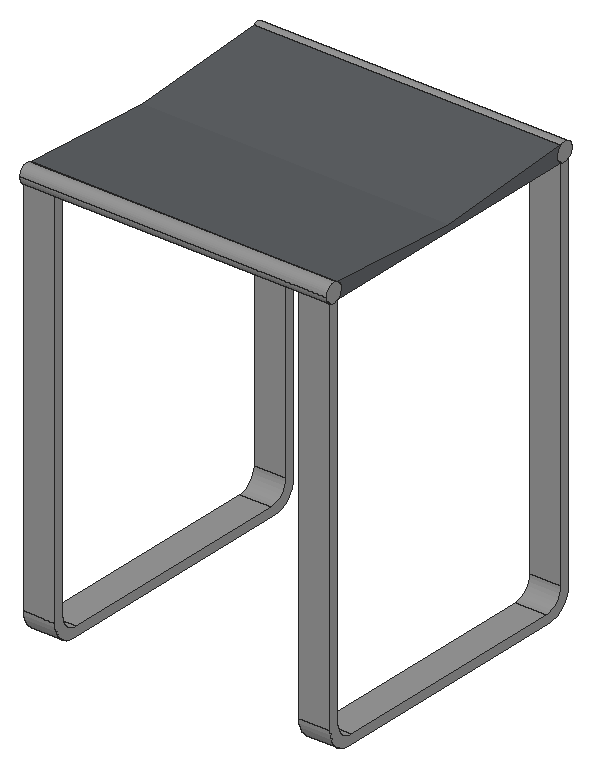
Revit family "KEUCO_14982010037", category Möbel, Revit 2016
Family settings
  Arbeitsebenenbasiert = Nein
  Immer vertikal = Ja
  Beim Laden mit Abzugskörper schneiden = Nein
  Gemeinsam genutzt = Nein
  Raumberechnungspunkt = Nein
Parameters (values of type "14982170051")
  Verwendung = "DU / WA / WP"  # constant formula
  URL = "https://www.keuco.com/de/produkte/sortiment/artikel/?pid=14982&oid=1&pgo=24&country=de&lang=de&vid=14982170051"
  Serie = "Plan"  # constant formula
  Preisgruppe = "1"  # constant formula
  Material Sitz = Schwarzgrau (RAL 7021)
  Materialien bei Hersteller anfragen = "Anfrage zu:  objektmanagement@keuco.de"
  Kategorie = "ACC"  # constant formula
  Hersteller = "KEUCO"  # constant formula
  Material Beine = Aluminium silber-eloxiert (E6 EV1)
  Gewicht = 0.628  # constant formula
  Beschreibung = "auch für den Naßbereich geeignet"
  Ausschreibungstext = "KEUCO PLAN Hocker 14982170051\r\nmit zwei Aluminium lackierten, rutschsicheren Fußelementen, \r\nauch für den Naßbereicht geeignet\r\nhochglanzverchromtes zylindrisches Griffstück, \r\nSitzfläche aus Polypropylen weiß (RAL 9010),\r\n340 mm x 365 mm, Sitzhöhe 469 mm\r\nBelastbarkeit 100 kg"
  Artikelnummer = "14982170051"
Types (7, lengths in mm): name | URL | Material Sitz | Materialien bei Hersteller anfragen | Material Beine | Beschreibung | Ausschreibungstext | Artikelnummer
  (no name) | "https://www.keuco.com" | Schwarzgrau (RAL 7021) | "Request to:  objektmanagement@keuco.de" | Verchromt | "--" | "" | "14982010037"
  14982010037 | "https://www.keuco.com/de/produkte/sortiment/artikel/?pid=14982&oid=1&pgo=18&country=de&lang=de&vid=14982010037" | Schwarzgrau (RAL 7021) | "Request to:  objektmanagement@keuco.de" | Verchromt | "auch für den Naßbereich geeignet" | "KEUCO PLAN Hocker 14982010037 \r\nmit zwei hochglanzverchromten, rutschsicheren Fußelementen, \r\nauch für den Naßbereich geeignet\r\nhochglanzverchromtes zylindrisches Griffstück, \r\nSitzfläche aus Polypropylen schwarzgrau (RAL 7021),\r\n340 mm x 365 mm, Sitzhöhe 469 mm\r\nBelastbarkeit 100 kg" | "14982010037"
  14982010038 | "https://www.keuco.com/de/produkte/sortiment/artikel/?pid=14982&oid=1&pgo=18&country=de&lang=de&vid=14982010038" | Lichtgrau (RAL 7035) | "Request to:  objektmanagement@keuco.de" | Verchromt | "auch für den Naßbereich geeignet" | "KEUCO PLAN Hocker 14982010038 \r\nmit zwei hochglanzverchromten, rutschsicheren Fußelementen, \r\nauch für den Naßbereich geeignet\r\nhochglanzverchromtes zylindrisches Griffstück, \r\nSitzfläche aus Polypropylen lichtgrau (RAL 7035),\r\n340 mm x 365 mm, Sitzhöhe 469 mm\r\nBelastbarkeit 100 kg" | "14982010038"
  14982010051 | "https://www.keuco.com/de/produkte/sortiment/artikel/?pid=14982&oid=1&pgo=18&country=de&lang=de&vid=14982010051" | Weiß (RAL 9010) | "Request to:  objektmanagement@keuco.de" | Verchromt | "auch für den Naßbereich geeignet" | "KEUCO PLAN Hocker 14982010051 \r\nmit zwei hochglanzverchromten, rutschsicheren Fußelementen, \r\nauch für den Naßbereicht geeignet\r\nhochglanzverchromtes zylindrisches Griffstück, \r\nSitzfläche aus Polypropylen weiß (RAL 9010) ,\r\n340 mm x 365 mm, Sitzhöhe 469 mm\r\nBelastbarkeit 100 kg" | "14982010051"
  14982170037 | "https://www.keuco.com/de/produkte/sortiment/artikel/?pid=14982&oid=1&pgo=24&country=de&lang=de&vid=14982170037" | Schwarzgrau (RAL 7021) | "Request to:  objektmanagement@keuco.de" | Aluminium silber-eloxiert (E6 EV1) | "auch für den Naßbereich geeignet" | "KEUCO PLAN Hocker 14982170037 \r\nmit zwei Aluminium lackierten, rutschsicheren Fußelementen, \r\nauch für den Naßbereicht geeignet\r\nhochglanzverchromtes zylindrisches Griffstück, \r\nSitzfläche aus Polypropylen schwarzgrau (RAL 7021),\r\n340 mm x 365 mm, Sitzhöhe 469 mm\r\nBelastbarkeit 100 kg" | "14982170037"
  14982170038 | "https://www.keuco.com/de/produkte/sortiment/artikel/?pid=14982&oid=1&pgo=24&country=de&lang=de&vid=14982170038" | Lichtgrau (RAL 7035) | "Request to:  objektmanagement@keuco.de" | Aluminium silber-eloxiert (E6 EV1) | "auch für den Naßbereich geeignet" | "KEUCO PLAN Hocker 14982170038\r\nmit zwei Aluminium lackierten, rutschsicheren Fußelementen, \r\nauch für den Naßbereicht geeignet\r\nhochglanzverchromtes zylindrisches Griffstück, \r\nSitzfläche aus Polypropylen lichtgrau (RAL 7021),\r\n340 mm x 365 mm, Sitzhöhe 469 mm\r\nBelastbarkeit 100 kg" | "14982170038"
  14982170051 | "https://www.keuco.com/de/produkte/sortiment/artikel/?pid=14982&oid=1&pgo=24&country=de&lang=de&vid=14982170051" | Schwarzgrau (RAL 7021) | "Anfrage zu:  objektmanagement@keuco.de" | Aluminium silber-eloxiert (E6 EV1) | "auch für den Naßbereich geeignet" | "KEUCO PLAN Hocker 14982170051\r\nmit zwei Aluminium lackierten, rutschsicheren Fußelementen, \r\nauch für den Naßbereicht geeignet\r\nhochglanzverchromtes zylindrisches Griffstück, \r\nSitzfläche aus Polypropylen weiß (RAL 9010),\r\n340 mm x 365 mm, Sitzhöhe 469 mm\r\nBelastbarkeit 100 kg" | "14982170051"
Reference planes
  plane 1 "Center (Front/Back)": y = 0
  plane 2: z = 0
  plane 3 "Center (Left/Right)": x = 0
  plane 4: y = 170
  plane 5: x = -169.943
  plane 6: y = -170
  plane 7: x = 169.943
  plane 8: y = 160
  plane 9: y = -160
  plane 10: z = 469
  plane 11: z = 459
Forms (mm)
  Extrusion 1, solid, material "Aluminium silber-eloxiert (E6 EV1)" <- "Material Beine"
    sketch origin (0, 0, 0) x (0, 1, 0) y (0, 0, 1)
      loop
        line (165, 26) -> (165, 450.453) -> (155, 450.453) -> (155, 30)
        arc (155, 30) -> (149.142, 15.858) -> (135, 10) r 20
        line (135, 10) -> (-135, 10)
        arc (-135, 10) -> (-149.142, 15.858) -> (-155, 30) r 20
        line (-155, 30) -> (-155, 450.401) -> (-165, 450.401) -> (-165, 26)
        arc (-165, 26) -> (-157.385, 7.615) -> (-139, 0) r 26
        line (-139, 0) -> (139, 0)
        arc (139, 0) -> (157.385, 7.615) -> (165, 26) r 26
    from -169.943 to -135.027
  Extrusion 2, solid, material "Aluminium silber-eloxiert (E6 EV1)" <- "Material Beine"
    sketch origin (0, 0, 0) x (0, 1, 0) y (0, 0, 1)
      loop
        line (165, 26) -> (165, 450.401) -> (155, 450.401) -> (155, 30)
        arc (155, 30) -> (149.142, 15.858) -> (135, 10) r 20
        line (135, 10) -> (-135, 10)
        arc (-135, 10) -> (-149.142, 15.858) -> (-155, 30) r 20
        line (-155, 30) -> (-155, 450.401) -> (-165, 450.401) -> (-165, 26)
        arc (-165, 26) -> (-157.385, 7.615) -> (-139, 0) r 26
        line (-139, 0) -> (139, 0)
        arc (139, 0) -> (157.385, 7.615) -> (165, 26) r 26
    from 135.414 to 169.943
  Extrusion 3, solid, material "Aluminium silber-eloxiert (E6 EV1)" <- "Material Beine"
    sketch origin (0, 0, 0) x (0, 1, 0) y (0, 0, 1)
      loop
        circle (160, 459) r 10
      loop
        circle (-160, 459) r 10
    from -169.943 to 169.943
  Extrusion 4, solid, material "Schwarzgrau (RAL 7021)" <- "Material Sitz"
    sketch origin (0, 0, 0) x (0, 1, 0) y (0, 0, 1)
      loop
        arc (155, 450.453) -> (150.021, 459.057) -> (155, 467.66) r 9.922
        arc (155, 467.66) -> (0, 456.821) -> (-155, 467.66) r 1113.637
        arc (-155, 467.66) -> (-150, 459.057) -> (-155, 450.453) r 9.902
        line (-155, 450.453) -> (155, 450.453)
    from -169.943 to 169.943
Lines and regions (mm)
  symbolic lines, style "Furniture"
    curve 1: line (-169.943, 170, 0) -> (169.943, 170, 0)
    curve 2: line (169.943, 170, 0) -> (169.943, -170, 0)
    curve 3: line (169.943, -170, 0) -> (-169.943, -170, 0)
    curve 4: line (-169.943, 170, 0) -> (-169.943, -170, 0)
Dimensions and locks
  plane 5 to plane 7 = 339.886 mm
  equal spacing: plane 5, plane 3 "Center (Left/Right)", plane 7
  plane 4 to plane 6 = 340 mm
  equal spacing: plane 4, plane 1 "Center (Front/Back)", plane 6
  plane 10 to plane 2 = 469 mm
  plane 7 to Extrusion 1 = 339.886 mm
  Extrusion 1 to plane 5 = 34.916 mm
  plane 7 to Extrusion 2 = 34.529 mm
  aligned and locked: level to plane 2
Automatic sketch dimensions
  plane 11 to Extrusion 2 sketch curve = 8.599 mm  (x2)
  Extrusion 2 sketch curve to level = 0 mm
  Extrusion 2 sketch curve to plane 9 = 5 mm
  Extrusion 2 sketch curve to Extrusion 2 sketch curve = 10 mm  (x2)
  Extrusion 2 sketch curve to Extrusion 2 sketch curve = 16 mm
  Extrusion 2 sketch curve to Extrusion 2 sketch curve = 4 mm  (x2)
  level to Extrusion 2 sketch curve = 10 mm
  Extrusion 2 sketch curve to plane 4 = 35 mm
  Extrusion 2 sketch curve to plane 4 = 15 mm
  Extrusion 3 sketch curve to plane 9 = 0 mm
  Extrusion 3 sketch curve to plane 8 = 0 mm
  plane 11 to Extrusion 3 sketch curve = 0 mm  (x2)
  Extrusion 1 sketch curve to level = 0 mm
  plane 6 to Extrusion 1 sketch curve = 5 mm
  plane 9 to Extrusion 1 sketch curve = 5 mm
  plane 9 to Extrusion 1 sketch curve = 21 mm
  Extrusion 1 sketch curve to Extrusion 1 sketch curve = 4 mm  (x2)
  Extrusion 1 sketch curve to plane 8 = 25 mm
  Extrusion 1 sketch curve to plane 8 = 5 mm
  Extrusion 1 sketch curve to plane 4 = 5 mm
  level to Extrusion 1 sketch curve = 10 mm
  plane 11 to Extrusion 1 sketch curve = 8.599 mm
  plane 11 to Extrusion 1 sketch curve = 8.547 mm
  Extrusion 4 sketch curve to plane 1 "Center (Front/Back)" = 0 mm
  plane 9 to Extrusion 4 sketch curve = 5 mm
  Extrusion 4 sketch curve to plane 11 = 0.057 mm  (x2)
  plane 9 to Extrusion 4 sketch curve = 0.098 mm
  Extrusion 4 sketch curve to plane 8 = 5 mm
  Extrusion 4 sketch curve to plane 8 = 0.057 mm
  plane 10 to Extrusion 4 sketch curve = 1101.458 mm
  Extrusion 4 sketch curve to plane 10 = 1.34 mm  (x2)
  curve 4 to plane 5 = 0 mm
  plane 7 to curve 2 = 0 mm
  curve 3 to plane 6 = 0 mm
  plane 4 to curve 1 = 0 mm
  radius of Extrusion 3 sketch curve = 10 mm  (x2)
